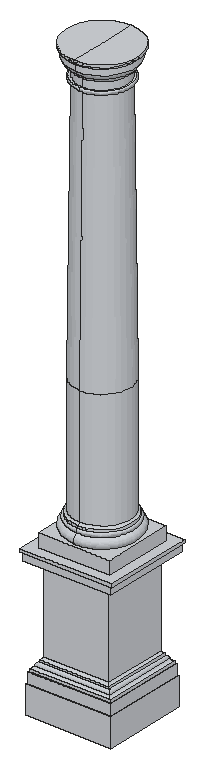
Revit family "GEN_A3-Doric-Column", category Columns, Revit 2015
Parameters (values of type "Doric Column")
  Diameter = 1' - 6"
  Neck Diameter = 1' - 3 3/4"
Types (3): name
  (no name)
  16'  Height (10 2/3 x Dia.)
  Doric Column
Reference planes (in)
  plane 1: y = 0
  plane 2 "Pedestal": z = 0
  plane 3: x = 0
  plane 4: x = -9
  plane 5: x = 9
  plane 6: y = 9
  plane 7: y = -9
  plane 8 "Column": z = 48
  plane 9 "Entablature": z = 192
  plane 10 "1/3 Column": z = 96
  plane 11: y = 14.1126013
  plane 12: y = 7.875
  plane 13: y = -7.875
  plane 14: x = -7.875
  plane 15: x = 7.875
  plane 16 "2/3 Column": z = 144
  plane 17: z = 182
  plane 18: z = 58.25
  plane 19: y = 11.5
  plane 20: z = 24
  plane 21: z = 36
  plane 22: z = 66
  plane 23: z = 84
  plane 24: z = 120
  plane 25: z = 138
  plane 26: z = 156
  plane 27: z = 174
  plane 28: y = 8.625
  plane 29: z = 52.25
  plane 30: z = 55.5
  plane 31: z = 57.5
  plane 32: z = 56.75
  plane 33: z = 42
  plane 34: z = 102
  plane 35: z = 60
  plane 36: z = 54
  plane 37: z = 30
  plane 38: z = 18
  plane 39: z = 12
  plane 40: z = 6
  plane 41: z = 72
  plane 42: z = 78
  plane 43: z = 90
  plane 44: z = 108
  plane 45: z = 114
  plane 46: z = 126
  plane 47: z = 132
  plane 48: z = 150
  plane 49: z = 162
  plane 50: z = 168
  plane 51: z = 180
  plane 52: z = 186
  plane 53: z = 144
  plane 54: z = 96
  plane 55: z = 43.5
Forms (in)
  Sweep 1, solid
    path origin (0, 0, 0) x (1, 0, 0) y (0, 1, 0)
      loop
        line (-14.1126013, 14.1126013) -> (-14.1126013, -14.1126013) -> (14.1126013, -14.1126013) -> (14.1126013, 14.1126013) -> (-14.1126013, 14.1126013)
    profile origin (0, 0, 0) x (0, 1, 0) y (0, 0, 1)
      loop
        line (13.6002026, 0) -> (13.6002026, 9) -> (13.2252026, 9) -> (13.2252026, 12.5) -> (12.8502026, 12.5) -> (12.8502026, 13.25)
        arc (12.8502026, 13.25) -> (12.2314842, 13.5062816) -> (11.9752026, 14.125) r 0.875
        arc (11.9752026, 14.125) -> (11.718921, 14.7437184) -> (11.1002026, 15) r 0.875
        line (11.1002026, 15) -> (11.1002026, 15.75)
        arc (11.1002026, 15.75) -> (10.5698725, 15.9696699) -> (10.3502026, 16.5) r 0.75
        line (10.3502026, 16.5) -> (9, 16.5) -> (9, 0) -> (13.6002026, 0)
  Revolve 2, solid
    sketch origin (0, 0, 0) x (0, -1, 0) y (0, 0, 1)
      loop
        line (0, 52.25) -> (-9.75, 52.25)
        arc (-9.75, 52.25) -> (-11.375, 53.875) -> (-9.75, 55.5) r 1.625
        arc (-9.75, 55.5) -> (-10.375, 56.125) -> (-9.75, 56.75) r 0.625
        line (-9.75, 56.75) -> (-9.75, 57.5)
        arc (-9.75, 57.5) -> (-9.2196699, 57.7196699) -> (-9, 58.25) r 0.75
        line (-9, 58.25) -> (-9, 96) -> (-7.875, 182) -> (-8.625, 182)
        arc (-8.625, 182) -> (-9, 182.375) -> (-8.625, 182.75) r 0.375
        line (-8.625, 182.75) -> (-7.875, 182.75) -> (-7.875, 186) -> (-8.625, 186)
        arc (-8.625, 186) -> (-9, 186.375) -> (-8.625, 186.75) r 0.375
        arc (-8.625, 186.75) -> (-9.8624369, 187.2625631) -> (-10.375, 188.5) r 1.75
        line (-10.375, 188.5) -> (-10.625, 188.5) -> (-10.625, 190.5) -> (-10.7499976, 190.5)
        arc (-10.7499976, 190.5) -> (-10.9701395, 191.0308026) -> (-11.5013323, 191.2500012) r 0.7500024
        line (-11.5013323, 191.2500012) -> (-11.5, 192) -> (0, 192)
      axis (0, 192) -> (0, 52.25)
    angle from 0 to 360
  Extrusion 3, solid
    sketch origin (0, 0, 0) x (1, 0, 0) y (0, 1, 0)
      loop
        line (-11.375, 11.375) -> (-11.375, -11.375) -> (11.375, -11.375) -> (11.375, 11.375) -> (-11.375, 11.375)
    from 48 to 52.25
  Extrusion 4, solid
    sketch origin (0, 0, 0) x (1, 0, 0) y (0, 1, 0)
      loop
        line (-14.625, 14.625) -> (-14.625, -14.625) -> (14.625, -14.625) -> (14.625, 14.625) -> (-14.625, 14.625)
    from 47 to 48
  Extrusion 5, solid
    sketch origin (0, 0, 0) x (1, 0, 0) y (0, 1, 0)
      loop
        line (-14.125, 14.125) -> (-14.125, -14.125) -> (14.125, -14.125) -> (14.125, 14.125) -> (-14.125, 14.125)
    from 44.5 to 47
  Extrusion 6, solid
    sketch origin (0, 0, 0) x (1, 0, 0) y (0, 1, 0)
      loop
        line (-10.375, 10.375) -> (-10.375, -10.375) -> (10.375, -10.375) -> (10.375, 10.375) -> (-10.375, 10.375)
    from 16.5 to 43.5
  Extrusion 7, solid
    sketch origin (0, 0, 43.5) x (0, -1, 0) y (-1, 0, 0)
      loop
        line (-14.125, 14.125) -> (-14.125, -14.125) -> (14.125, -14.125) -> (14.125, 14.125) -> (-14.125, 14.125)
    from 0 to -1
  Sweep 8, void
    path origin (0, 0, 43.5) x (0, -1, 0) y (1, 0, 0)
      loop
        line (-14.125, -14.125) -> (14.125, -14.125) -> (14.125, 14.125) -> (-14.125, 14.125) -> (-14.125, -14.125)
    profile origin (0, 0, 43.5) x (0, 1, 0) y (0, 0, 1)
      loop
        line (14.125, 1) -> (12.0601907, 1) -> (11.295967, 0) -> (14.125, 0) -> (14.125, 1)
Cuts and joins
  Sweep 8 cuts Sweep 1
  Sweep 8 cuts Revolve 2
  Sweep 8 cuts Extrusion 3
  Sweep 8 cuts Extrusion 4
  Sweep 8 cuts Extrusion 5
  Sweep 8 cuts Extrusion 6
  Sweep 8 cuts Extrusion 7
Lines and regions (in)
  symbolic lines, style "Column Cut"
    curve 1: arc (9, 0, 0) -> (6.363961, 6.363961, 0) -> (0, 9, 0) r 9
    curve 2: arc (0, 9, 0) -> (-6.363961, 6.363961, 0) -> (-9, 0, 0) r 9
    curve 3: arc (-9, 0, 0) -> (-6.363961, -6.363961, 0) -> (0, -9, 0) r 9
    curve 4: arc (0, -9, 0) -> (6.363961, -6.363961, 0) -> (9, 0, 0) r 9
    curve 5: line (-14.625, 14.625, 0) -> (14.625, 14.625, 0)
    curve 6: line (-14.625, 14.625, 0) -> (-14.625, -14.625, 0)
    curve 7: line (-14.625, -14.625, 0) -> (14.625, -14.625, 0)
    curve 8: line (14.625, 14.625, 0) -> (14.625, -14.625, 0)
    curve 9: line (-11.375, 11.375, 0) -> (11.375, 11.375, 0)
    curve 10: line (-11.375, 11.375, 0) -> (-11.375, -11.375, 0)
    curve 11: line (-11.375, -11.375, 0) -> (11.375, -11.375, 0)
    curve 12: line (11.375, 11.375, 0) -> (11.375, -11.375, 0)
Dimensions and locks (in)
  equal spacing: plane 4, plane 3, plane 5
  equal spacing: plane 7, plane 1, plane 6
  "Diameter": plane 4 to plane 5
  "Diameter": plane 7 to plane 6
  equal spacing: plane 14, plane 3, plane 15
  "Neck Diameter": plane 14 to plane 15
  "Neck Diameter": plane 13 to plane 12
  equal spacing: plane 13, plane 1, plane 12
  equal spacing: plane 9 "Entablature", plane 16 "2/3 Column", plane 10 "1/3 Column", plane 8 "Column"
  locked: plane 9 "Entablature" to plane 17 at 10
  locked: plane 19 to plane 12 at 3.625
  locked: Sweep 1 sketch curve to plane 4 at 5.1126013
  locked: plane 5 to Sweep 1 sketch curve at 5.1126013
  locked: plane 6 to Sweep 1 sketch curve at 5.1126013
  locked: Sweep 1 sketch curve to plane 7 at 5.1126013
  locked: plane 18 to plane 8 "Column" at 10.25
  locked: plane 28 to plane 12 at 0.75
  locked: plane 29 to plane 30 at 3.25
  locked: plane 18 to plane 31 at 0.75
  locked: plane 30 to plane 32 at 1.25
  locked: plane 32 to plane 31 at 0.75
  locked: Extrusion 3 sketch curve to plane 4 at 2.375
  locked: plane 5 to Extrusion 3 sketch curve at 2.375
  locked: plane 6 to Extrusion 3 sketch curve at 2.375
  locked: Extrusion 3 sketch curve to plane 7 at 2.375
  locked: Extrusion 4 sketch curve to plane 4 at 5.625
  locked: plane 5 to Extrusion 4 sketch curve at 5.625
  locked: plane 6 to Extrusion 4 sketch curve at 5.625
  locked: Extrusion 4 sketch curve to plane 7 at 5.625
  locked: plane 8 "Column" to Extrusion 4 at 1
  locked: Extrusion 5 sketch curve to plane 4 at 5.125
  locked: plane 5 to Extrusion 5 sketch curve at 5.125
  locked: plane 6 to Extrusion 5 sketch curve at 5.125
  locked: Extrusion 5 sketch curve to plane 7 at 5.125
  locked: Extrusion 4 to Extrusion 5 at 2.5
  locked: Extrusion 6 sketch curve to plane 4 at 1.375
  locked: plane 5 to Extrusion 6 sketch curve at 1.375
  locked: plane 6 to Extrusion 6 sketch curve at 1.375
  locked: Extrusion 6 sketch curve to plane 7 at 1.375
  equal spacing: level, plane 40, plane 39, plane 38, plane 20, plane 37, plane 21, plane 33, plane 8 "Column", plane 36, plane 35, plane 22, plane 41, plane 42, plane 23, plane 43, plane 54, plane 34, plane 44, plane 45, plane 24, plane 46, plane 47, plane 25, plane 53, plane 48, plane 26, plane 49, plane 50, plane 27, plane 51, plane 52, level
  locked: plane 8 "Column" to plane 55 at 4.5
  plane 55 to plane 2 "Pedestal" = 3' - 7 1/2"
  locked: Extrusion 7 sketch curve to Extrusion 4 at 0.5  (x3)
  locked: Extrusion 4 to Extrusion 7 sketch curve at 0.5
  locked: Sweep 8 sketch curve to cut or joined group of Extrusion 4, Sweep 8 at 0.5  (x3)
  locked: cut or joined group of Extrusion 4, Sweep 8 to Sweep 8 sketch curve at 0.5
  locked: profile plane to Sweep 8 sketch curve at 2.0648093
  locked: profile plane to Sweep 8 sketch curve at 2.829033
  aligned and locked: plane 9 "Entablature" to level
  aligned and locked: Extrusion 3 to Revolve 2
  aligned and locked: Extrusion 4 to plane 8 "Column"
  aligned and locked: Extrusion 5 to Extrusion 4
  aligned and locked: Extrusion 6 to Sweep 1
  aligned and locked: plane 1 to curve 1
  aligned and locked: Revolve 2 to curve 1
  aligned and locked: plane 1 to curve 2
  aligned and locked: Revolve 2 to curve 3
  aligned and locked: curve 5 to Extrusion 4  (x2)
  aligned and locked: curve 8 to Extrusion 4  (x2)
  aligned and locked: curve 9 to Extrusion 3  (x2)
  aligned and locked: curve 12 to Extrusion 3  (x2)
  aligned and locked: Sweep 8 sketch curve to cut or joined group of Extrusion 5, Sweep 8  (x2)
  aligned and locked: plane 55 to Sweep 8 sketch curve
  aligned and locked: plane 8 "Column" to Extrusion 3
  aligned and locked: Extrusion 6 to plane 55
Automatic sketch dimensions
  Sweep 1 sketch curve to level = 0' - 0"
  profile plane to Sweep 1 sketch curve = 0' - 5.1126"
  profile plane to Sweep 1 sketch curve = 0' - 3.7624"
  Sweep 1 sketch curve to Sweep 1 sketch curve = 0' - 0 3/4"  (x3)
  Sweep 1 sketch curve to Sweep 1 sketch curve = 0' - 0 7/8"  (x2)
  Sweep 1 sketch curve to Sweep 1 sketch curve = 0' - 0"
  Sweep 1 sketch curve to Sweep 1 sketch curve = 0' - 0 3/8"
  profile plane to Sweep 1 sketch curve = 0' - 0.5124"
  level to Sweep 1 sketch curve = 0' - 9"
  Sweep 1 sketch curve to Sweep 1 sketch curve = 0' - 3 1/2"
  Revolve 2 sketch curve to level = 0' - 0"
  Revolve 2 sketch curve to plane 19 = 0' - 0"  (x2)
  Revolve 2 sketch curve to plane 32 = 0' - 0"
  Revolve 2 sketch curve to plane 30 = 0' - 0"  (x2)
  Revolve 2 sketch curve to plane 31 = 0' - 0"
  Revolve 2 sketch curve to plane 29 = 0' - 0"
  Revolve 2 sketch curve to plane 18 = 0' - 0"
  Revolve 2 sketch curve to plane 6 = 0' - 0"
  Revolve 2 sketch curve to plane 28 = 0' - 0"  (x2)
  Revolve 2 sketch curve to plane 12 = 0' - 0"  (x2)
  Revolve 2 sketch curve to plane 1 = 0' - 0"
  plane 19 to Revolve 2 sketch curve = 0' - 0.00133"
  Revolve 2 sketch curve to Revolve 2 sketch curve = 0' - 0 3/4"
  Revolve 2 sketch curve to Revolve 2 sketch curve = 0' - 0 1/8"
  Revolve 2 sketch curve to Revolve 2 sketch curve = 0' - 0 1/4"
  Revolve 2 sketch curve to plane 10 "1/3 Column" = 0' - 0"
  Revolve 2 sketch curve to plane 17 = 0' - 0"
  Revolve 2 sketch curve to Revolve 2 sketch curve = 0' - 0 3/8"  (x2)
  Revolve 2 sketch curve to Revolve 2 sketch curve = 0' - 3 1/4"
  Revolve 2 sketch curve to Revolve 2 sketch curve = 0' - 0"
  Revolve 2 sketch curve to level = 0' - 1 1/2"
  curve 2 to plane 4 = 0' - 0"
